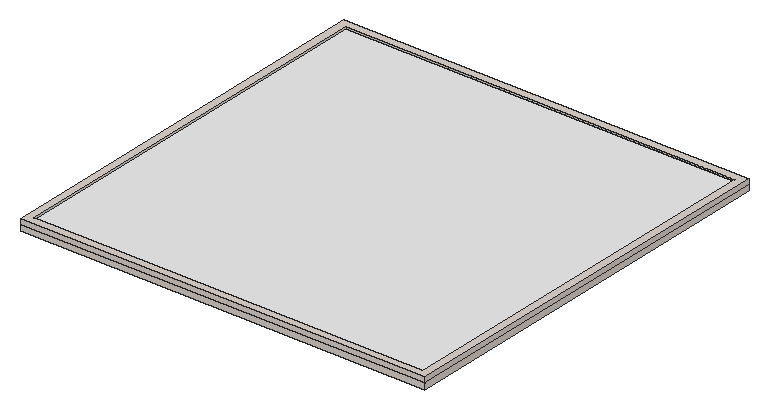
Revit family "SKY LED FLAT PANEL", category Lighting Fixtures, host Face, Revit 2020 (continued)
Types (13): name | Wattage | WATTS | built-in parameter 1150134 | Replaces/Equiv.(MH) | Photometric Web File | Order number | built-in parameter 1150142 | Model | built-in parameter 1150105 | Lumens | built-in parameter 1150107 | built-in parameter 1150106 | Fixture Width | Fixture Length | Default Elevation | Apparent Load
    .68  \r\n 1290.82  1285.09  1278.03  1273.32  1264.64  1255.76  1250.16  1241.03  1232.70  1222.14  \r\n 1213.08  1201.43  1193.23  1181.08  1171.57  1160.73  1147.99  1133.65  1122.37  1107.39  \r\n 1094.14  1079.41  1066.12  1051.65  1037.22  1020.53  1004.88  991.29   973.27   958.10   \r\n 940.31   922.97   907.04   890.47   871.79   853.79   835.01   816.37   796.86   778.70   \r\n 759.42   740.55   721.48   700.44   680.91   660.33   639.15   618.92   599.28   577.35   \r\n 556.94   535.60   514.09   493.10   472.36   450.27   429.49   407.06   386.28   365.28   \r\n 343.20   322.65   301.57   281.33   259.76   239.94   219.95   200.19   181.06   161.52   \r\n 143.22   124.92   107.37   89.97    73.50    57.31    42.11    27.52    14.45    3.71     \r\n 0.99     0.99     1.03     1.09     1.16     1.23     1.30     1.37     1.45     1.52     \r\n 1.60     1.68     1.76     1.84     1.93     2.01     2.09     2.17     2.25     2.33     \r\n 2.42     2.49     2.57     2.65     2.72     2.80     2.87     2.93     3.00     3.06     \r\n 3.11     3.17     3.23     3.28     3.34     3.39     3.43     3.49     3.54     3.59     \r\n 3.64     3.68     3.74     3.79     3.83     3.88     3.93     3.98     4.03     4.08     \r\n 4.12     4.17     4.22     4.27     4.32     4.37     4.43     4.48     4.53     4.58     \r\n 4.64     4.70     4.75     4.82     4.87     4.93     4.99     5.06     5.11     5.17     \r\n 5.22     5.26     5.30     5.33     5.36     5.40     5.43     5.45     5.48     5.52     \r\n 5.55     5.58     5.59     5.62     5.65     5.67     5.68     5.70     5.71     5.72     \r\n 5.71     \r\n1317.43  1318.13  1315.65  1315.50  1313.33  1309.49  1308.99  1304.29  1301.32  1296.16  \r\n 1289.43  1283.63  1277.32  1271.21  1265.16  1256.79  1248.94  1239.67  1233.86  1221.80  \r\n 1212.79  1204.92  1193.38  1182.84  1172.35  1159.36  1146.85  1134.93  1121.73  1107.61  \r\n 1094.84  1079.80  1065.92  1051.25  1036.82  1022.44  1007.42  991.46   974.06   957.95   \r\n 942.10   924.94   905.90   890.14   872.54   853.73   835.79   817.89   797.80   779.95   \r\n 759.99   740.65   720.94   701.05   682.39   660.77   641.84   620.37   599.70   577.82   \r\n 558.13   536.15   515.87   493.60   472.68   451.17   430.39   408.58   387.75   366.75   \r\n 345.06   324.20   302.87   282.09   261.56   241.21   221.30   201.98   182.33   163.22   \r\n 144.59   126.30   108.68   91.73    74.86    59.50    43.98    29.63    15.87    4.26     \r\n 0.91     0.92     0.97     1.04     1.12     1.19     1.27     1.35     1.43     1.52     \r\n 1.60     1.68     1.76     1.85     1.93     2.01     2.10     2.18     2.27     2.35     \r\n 2.43     2.52     2.60     2.68     2.76     2.83     2.90     2.97     3.03     3.10     \r\n 3.16     3.21     3.27     3.32     3.38     3.43     3.48     3.53     3.58     3.64     \r\n 3.68     3.73     3.78     3.83     3.88     3.93     3.97     4.02     4.07     4.11     \r\n 4.16     4.21     4.26     4.30     4.35     4.40     4.45     4.50     4.55     4.60     \r\n 4.66     4.71     4.76     4.81     4.86     4.92     4.97     5.03     5.08     5.14     \r\n 5.20     5.25     5.28     5.32     5.35     5.37     5.40     5.43     5.47     5.49     \r\n 5.52     5.55     5.57     5.60     5.63     5.64     5.67     5.69     5.69     5.71     \r\n 5.71     \r\n1317.43  1316.98  1314.51  1314.33  1311.09  1311.53  1308.23  1304.32  1299.89  1294.89  \r\n 1290.89  1283.12  1280.56  1273.17  1264.69  1257.17  1251.16  1243.01  1233.55  1224.82  \r\n 1216.16  1203.84  1195.26  1184.40  1174.32  1161.86  1149.31  1137.62  1123.31  1110.23  \r\n 1096.53  1082.97  1069.98  1056.33  1040.18  1025.54  1010.34  994.02   979.16   961.88   \r\n 946.08   928.74   910.73   893.71   876.40   857.77   838.90   820.68   802.36   783.72   \r\n 765.20   744.87   726.02   706.64   685.87   665.99   645.65   624.82   605.18   584.19   \r\n 563.03   541.18   520.49   499.55   478.97   457.47   434.74   414.53   392.67   371.76   \r\n 349.60   329.17   307.92   287.29   266.74   246.54   226.22   206.46   186.95   167.80   \r\n 149.24   130.70   113.01   95.41    78.87    62.77    47.69    33.09    19.32    7.00     \r\n 0.96     0.96     0.99     1.06     1.17     1.21     1.27     1.34     1.41     1.49     \r\n 1.57     1.65     1.73     1.81     1.90     1.98     2.06     2.15     2.23     2.31     \r\n 2.39     2.48     2.56     2.64     2.72     2.80     2.87     2.93     3.00     3.06     \r\n 3.13     3.18     3.24     3.29     3.35     3.40     3.45     3.51     3.56     3.61     \r\n 3.66     3.71     3.76     3.81     3.85     3.90     3.95     3.99     4.04     4.09     \r\n 4.13     4.17     4.22     4.26     4.31     4.36     4.41     4.46     4.51     4.55     \r\n 4.61     4.66     4.72     4.76     4.81     4.87     4.92     4.97     5.02     5.08     \r\n 5.13     5.18     5.24     5.28     5.33     5.35     5.38     5.40     5.43     5.45     \r\n 5.49     5.50     5.52     5.55     5.56     5.58     5.61     5.62     5.63     5.66     \r\n 5.71     \r\n1317.43  1317.15  1314.64  1313.05  1311.69  1307.03  1304.77  1302.05  1298.62  1292.79  \r\n 1289.07  1283.14  1277.71  1272.32  1265.25  1257.28  1247.11  1240.15  1232.54  1224.05  \r\n 1212.82  1203.91  1193.52  1183.08  1171.15  1159.74  1148.97  1134.70  1123.87  1109.46  \r\n 1096.49  1082.65  1069.34  1054.30  1039.91  1023.98  1009.12  993.26   978.51   960.10   \r\n 945.05   928.55   911.26   893.81   875.57   859.32   840.14   821.46   803.63   784.07   \r\n 765.12   745.48   725.22   706.07   686.79   666.33   646.13   625.21   604.83   584.07   \r\n 563.14   541.72   521.08   499.21   478.57   456.60   435.77   413.85   392.74   371.75   \r\n 350.02   329.90   308.56   287.71   267.19   246.64   226.39   206.95   186.88   167.70   \r\n 148.92   130.27   112.17   94.93    77.58    62.53    47.48    33.43    19.48    7.44     \r\n 1.07     0.99     1.01     1.14     1.30     1.40     1.47     1.51     1.55     1.59     \r\n 1.64     1.69     1.75     1.83     1.91     1.99     2.07     2.15     2.23     2.31     \r\n 2.39     2.47     2.55     2.62     2.70     2.78     2.85     2.92     2.98     3.05     \r\n 3.10     3.16     3.22     3.27     3.32     3.37     3.42     3.47     3.52     3.57     \r\n 3.62     3.68     3.72     3.77     3.82     3.86     3.91     3.96     4.01     4.06     \r\n 4.10     4.15     4.19     4.24     4.29     4.34     4.39     4.44     4.49     4.54     \r\n 4.59     4.64     4.70     4.75     4.80     4.86     4.90     4.96     5.01     5.07     \r\n 5.12     5.15     5.20     5.25     5.30     5.33     5.37     5.40     5.44     5.46     \r\n 5.48     5.50     5.51     5.52     5.55     5.56     5.58     5.59     5.62     5.62     \r\n 5.71     \r\n1317.43  1317.22  1316.04  1314.43  1311.43  1311.09  1308.05  1305.01  1300.17  1296.04  \r\n 1291.45  1285.56  1280.83  1273.81  1266.71  1259.48  1251.55  1245.23  1236.64  1227.11  \r\n 1218.02  1209.01  1199.32  1188.85  1177.53  1166.72  1153.28  1142.53  1130.26  1115.78  \r\n 1103.02  1091.14  1077.47  1062.19  1047.62  1032.24  1017.00  1002.51  986.66   968.98   \r\n 952.54   936.89   919.11   902.67   884.01   867.94   848.07   829.66   811.85   792.45   \r\n 774.61   754.62   734.64   715.51   695.26   675.52   654.75   633.97   613.67   593.19   \r\n 571.90   550.75   530.69   507.87   487.50   465.50   444.57   422.10   401.25   379.51   \r\n 358.64   337.60   316.16   295.70   274.25   253.96   233.14   213.62   194.03   174.20   \r\n 155.43   136.82   118.23   100.09   83.04    66.54    51.52    36.98    23.26    10.65    \r\n 1.51     0.99     1.01     1.14     1.26     1.35     1.43     1.52     1.59     1.67     \r\n 1.71     1.76     1.82     1.89     1.95     2.02     2.08     2.15     2.22     2.30     \r\n 2.38     2.46     2.54     2.62     2.69     2.76     2.83     2.90     2.97     3.03     \r\n 3.09     3.15     3.21     3.26     3.31     3.37     3.42     3.47     3.52     3.57     \r\n 3.62     3.67     3.72     3.76     3.81     3.86     3.91     3.96     4.01     4.06     \r\n 4.10     4.15     4.20     4.25     4.30     4.35     4.40     4.45     4.51     4.55     \r\n 4.61     4.66     4.71     4.77     4.82     4.87     4.93     4.98     5.02     5.08     \r\n 5.12     5.17     5.21     5.26     5.29     5.33     5.38     5.42     5.46     5.50     \r\n 5.53     5.56     5.58     5.61     5.62     5.63     5.65     5.65     5.66     5.66     \r\n 5.71     \r\n1317.43  1317.01  1314.98  1313.33  1312.89  1309.39  1306.53  1302.21  1299.25  1296.16  \r\n 1291.42  1285.43  1280.19  1272.95  1268.46  1260.28  1251.69  1246.30  1236.02  1228.06  \r\n 1219.54  1209.00  1198.01  1190.22  1178.61  1167.36  1155.67  1143.12  1131.11  1118.91  \r\n 1104.39  1090.23  1078.48  1062.84  1048.79  1033.09  1020.15  1003.91  987.82   971.53   \r\n 954.66   940.08   922.71   903.52   886.24   868.32   850.08   833.44   814.39   795.06   \r\n 776.30   757.03   738.14   718.76   697.53   677.63   656.99   637.13   616.65   595.92   \r\n 575.61   553.10   532.48   510.70   489.62   468.14   446.67   424.98   404.56   382.98   \r\n 361.50   339.74   319.23   297.89   277.14   255.94   235.85   216.01   196.16   176.12   \r\n 157.05   138.48   119.94   102.20   84.43    68.41    52.39    38.01    23.94    12.03    \r\n 1.81     0.98     1.05     1.14     1.24     1.34     1.41     1.48     1.55     1.63     \r\n 1.71     1.79     1.86     1.92     1.99     2.06     2.12     2.20     2.28     2.34     \r\n 2.42     2.49     2.56     2.63     2.70     2.77     2.84     2.91     2.97     3.04     \r\n 3.10     3.16     3.22     3.27     3.32     3.37     3.43     3.49     3.54     3.59     \r\n 3.63     3.68     3.73     3.79     3.84     3.89     3.94     3.99     4.04     4.09     \r\n 4.14     4.18     4.23     4.28     4.33     4.37     4.42     4.47     4.52     4.57     \r\n 4.62     4.67     4.73     4.77     4.82     4.87     4.92     4.98     5.02     5.06     \r\n 5.11     5.15     5.20     5.23     5.27     5.31     5.35     5.39     5.42     5.46     \r\n 5.50     5.53     5.56     5.60     5.62     5.64     5.66     5.68     5.69     5.69     \r\n 5.71     \r\n1317.43  1317.12  1316.14  1314.27  1316.02  1310.66  1309.42  1307.14  1304.35  1298.91  \r\n 1294.42  1290.27  1284.30  1276.92  1272.09  1265.48  1258.08  1251.34  1243.38  1233.95  \r\n 1225.07  1216.42  1204.98  1195.69  1183.90  1173.97  1163.94  1150.59  1139.27  1127.11  \r\n 1112.76  1101.36  1085.75  1072.93  1059.32  1044.21  1028.60  1012.63  997.99   980.60   \r\n 965.39   950.17   930.55   914.37   898.71   878.70   862.45   843.95   824.71   806.74   \r\n 787.77   767.88   747.24   727.64   707.96   687.90   668.88   647.78   627.50   605.97   \r\n 584.99   564.72   543.41   520.89   501.24   478.43   457.50   435.16   414.47   392.59   \r\n 370.83   350.13   328.21   307.44   285.98   265.64   244.63   224.25   204.36   184.48   \r\n 165.49   146.77   128.04   109.62   92.01    74.72    58.24    42.28    28.30    15.89    \r\n 4.82     0.94     1.02     1.12     1.22     1.30     1.37     1.44     1.51     1.59     \r\n 1.67     1.75     1.83     1.90     1.98     2.06     2.13     2.20     2.27     2.34     \r\n 2.42     2.49     2.57     2.64     2.71     2.79     2.85     2.92     2.99     3.05     \r\n 3.12     3.18     3.24     3.30     3.35     3.41     3.46     3.52     3.58     3.63     \r\n 3.68     3.73     3.78     3.83     3.88     3.93     3.98     4.03     4.08     4.13     \r\n 4.18     4.22     4.28     4.33     4.37     4.43     4.48     4.52     4.58     4.63     \r\n 4.68     4.73     4.78     4.84     4.89     4.94     4.99     5.03     5.07     5.12     \r\n 5.15     5.19     5.23     5.26     5.30     5.33     5.36     5.39     5.42     5.45     \r\n 5.48     5.51     5.55     5.58     5.61     5.64     5.66     5.69     5.70     5.72     \r\n 5.71     \r\n1317.43  1316.28  1317.82  1314.08  1314.04  1311.84  1307.88  1306.57  1302.82  1297.54  \r\n 1294.16  1288.69  1284.13  1278.71  1270.11  1266.01  1256.27  1250.53  1241.18  1234.45  \r\n 1224.13  1215.43  1206.37  1197.14  1185.88  1175.49  1162.01  1151.24  1139.57  1127.13  \r\n 1115.59  1100.87  1088.71  1073.45  1059.09  1045.45  1029.97  1013.86  1000.00  984.00   \r\n 966.13   951.68   934.82   916.30   899.08   882.60   864.22   845.92   826.97   809.22   \r\n 789.70   770.56   751.26   730.89   711.72   691.40   671.50   649.11   629.36   608.88   \r\n 588.24   566.49   544.83   523.91   501.85   481.00   459.23   437.54   416.12   395.31   \r\n 373.45   351.72   330.64   309.67   288.07   267.63   246.55   226.43   206.16   186.68   \r\n 167.07   148.16   129.45   111.35   93.22    76.28    59.78    43.28    28.16    15.76    \r\n 4.53     1.01     1.05     1.12     1.18     1.26     1.34     1.42     1.50     1.58     \r\n 1.66     1.74     1.83     1.90     1.98     2.06     2.13     2.21     2.28     2.35     \r\n 2.43     2.50     2.58     2.65     2.73     2.79     2.86     2.94     3.00     3.06     \r\n 3.13     3.19     3.25     3.31     3.38     3.43     3.49     3.54     3.60     3.66     \r\n 3.71     3.76     3.81     3.86     3.91     3.96     4.01     4.06     4.10     4.16     \r\n 4.21     4.26     4.31     4.35     4.41     4.45     4.50     4.55     4.61     4.66     \r\n 4.71     4.77     4.82     4.88     4.94     4.98     5.04     5.09     5.12     5.16     \r\n 5.20     5.23     5.26     5.29     5.32     5.34     5.37     5.39     5.41     5.44     \r\n 5.47     5.49     5.51     5.54     5.56     5.58     5.61     5.64     5.65     5.67     \r\n 5.71     \r\n1317.43  1318.03  1316.71  1315.97  1315.24  1315.39  1311.28  1308.85  1304.95  1301.82  \r\n 1297.60  1292.52  1286.87  1280.48  1275.24  1270.75  1264.01  1255.71  1248.47  1238.63  \r\n 1230.40  1222.94  1210.06  1202.84  1190.55  1179.97  1170.39  1158.21  1146.89  1135.04  \r\n 1123.25  1107.66  1095.41  1081.31  1068.10  1053.82  1039.36  1023.10  1010.06  993.16   \r\n 977.93   960.07   944.60   926.47   910.14   892.52   875.13   855.38   837.38   818.31   \r\n 800.80   780.57   761.67   741.36   721.90   700.60   681.31   660.60   640.84   619.20   \r\n 598.60   577.07   555.93   533.36   513.32   491.00   470.16   447.71   426.56   404.76   \r\n 383.92   361.96   340.49   319.75   297.58   277.49   256.16   236.05   215.43   195.59   \r\n 176.12   157.23   138.47   119.71   101.90   84.10    67.12    50.06    34.11    19.59    \r\n 8.05     1.07     1.09     1.11     1.16     1.22     1.31     1.38     1.46     1.54     \r\n 1.62     1.70     1.78     1.86     1.94     2.02     2.10     2.17     2.25     2.33     \r\n 2.40     2.48     2.55     2.63     2.70     2.77     2.84     2.91     2.97     3.04     \r\n 3.10     3.16     3.22     3.28     3.34     3.41     3.47     3.53     3.58     3.64     \r\n 3.71     3.76     3.81     3.87     3.93     3.98     4.03     4.08     4.13     4.18     \r\n 4.23     4.29     4.33     4.38     4.42     4.47     4.52     4.56     4.61     4.66     \r\n 4.72     4.77     4.82     4.88     4.94     4.99     5.05     5.10     5.14     5.19     \r\n 5.23     5.27     5.30     5.34     5.36     5.39     5.41     5.44     5.46     5.49     \r\n 5.51     5.52     5.53     5.54     5.56     5.58     5.60     5.62     5.63     5.64     \r\n 5.71     \r\n1317.43  1316.46  1317.09  1317.57  1314.30  1313.64  1313.14  1308.01  1305.17  1300.98  \r\n 1298.74  1292.49  1287.45  1281.79  1277.33  1269.30  1262.80  1255.59  1248.15  1239.74  \r\n 1232.35  1222.44  1213.08  1203.54  1194.82  1184.15  1173.20  1160.53  1148.60  1137.74  \r\n 1125.17  1111.05  1099.64  1084.26  1071.58  1055.65  1043.18  1027.76  1012.09  994.54   \r\n 979.53   963.64   946.29   930.28   912.73   896.48   877.51   859.09   840.42   823.49   \r\n 802.51   784.82   765.54   744.05   725.18   705.74   685.18   664.46   643.16   622.99   \r\n 602.26   581.28   559.35   538.05   516.51   495.44   473.02   451.60   430.22   409.00   \r\n 387.12   365.69   343.86   322.82   301.78   280.93   259.97   239.20   218.92   199.36   \r\n 179.50   160.19   141.53   123.11   104.59   87.35    70.45    53.56    36.94    21.97    \r\n 9.32     1.28     1.03     1.08     1.13     1.20     1.28     1.36     1.44     1.
